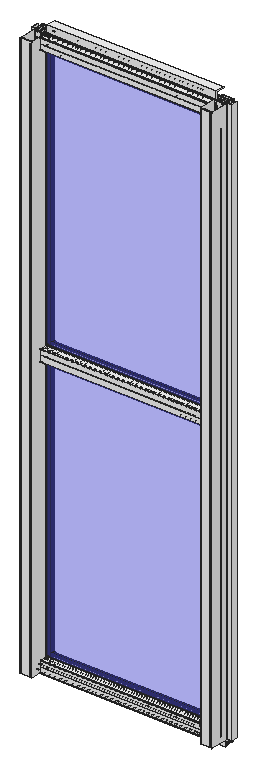
Revit family "Facade_60_Curtain_Wall_E12_Custom", category Windows, host Wall, Revit 2014 (continued)
Definition of nested family "F60 Horizontal Profile Middle_E12_Cust"
  Forms (mm)
    Extrusion 5, solid, material <- "Thermal Break Material", visible <- "Single Glazing"
      sketch origin (0, 0, 0) x (0, 1, 0) y (0, 0, 1)
        loop
          line (-61.15, 30.996) -> (-61.15, 29.006)
          arc (-61.15, 29.006) -> (-61.004, 28.652) -> (-60.65, 28.506) r 0.5
          line (-60.65, 28.506) -> (-59.794, 28.506)
        loop
          line (-47.854, 30.898) -> (-49.415, 31.653) -> (-56.782, 31.653)
          arc (-56.782, 31.653) -> (-57.207, 31.417) -> (-57.23, 30.932) r 0.5
          arc (-57.23, 30.932) -> (-57.013, 30.001) -> (-57.23, 29.07) r 2.099
          arc (-57.23, 29.07) -> (-57.207, 28.584) -> (-56.782, 28.348) r 0.5
          line (-56.782, 28.348) -> (-49.415, 28.348) -> (-48.055, 29.007)
          arc (-48.055, 29.007) -> (-47.35, 29.888) -> (-47.854, 30.898) r 1.047
      from 0 to 250 <- "Length"
    Extrusion 6, solid, material <- "Profile Material", visible <- "Single Glazing"
      sketch origin (0, 0, 0) x (0, 1, 0) y (0, 0, 1)
        loop
          line (-63.8, 52.694) -> (-64.8, 52.694) -> (-64.8, 51.544) -> (-66.05, 51.544) -> (-66.05, 57.044) -> (-64.8, 57.044) -> (-64.8, 55.894) -> (-63.8, 55.894) -> (-63.8, 58.294)
          arc (-63.8, 58.294) -> (-64.082, 58.803) -> (-64.664, 58.835) r 0.6
          line (-64.664, 58.835) -> (-66.562, 57.91) -> (-67.088, 58.988) -> (-68.05, 58.519) -> (-68.05, 48.513)
          arc (-68.05, 48.513) -> (-67.874, 48.089) -> (-67.45, 47.913) r 0.6
          line (-67.45, 47.913) -> (-66.6, 47.913) -> (-66.6, 12.09) -> (-67.45, 12.09)
          arc (-67.45, 12.09) -> (-67.874, 11.914) -> (-68.05, 11.49) r 0.6
          line (-68.05, 11.49) -> (-68.05, 1.485) -> (-67.088, 1.016) -> (-66.562, 2.095) -> (-64.663, 1.169)
          arc (-64.663, 1.169) -> (-64.082, 1.2) -> (-63.8, 1.709) r 0.6
          line (-63.8, 1.709) -> (-63.8, 4.109) -> (-64.8, 4.109) -> (-64.8, 2.959) -> (-66.05, 2.959) -> (-66.05, 8.459) -> (-64.8, 8.459) -> (-64.8, 7.309) -> (-63.8, 7.309) -> (-63.8, 27.674) -> (-62.4, 28.483) -> (-62.4, 31.521) -> (-63.8, 32.329) -> (-63.8, 52.694)
      from 0 to 250 <- "Length"
    Extrusion 7, solid, material <- "Profile Material", visible <- "Single Glazing"
      sketch origin (0, 0, 0) x (0, 1, 0) y (0, 0, 1)
        loop
          line (-68.551, 3.3) -> (-76.559, 3.3) -> (-76.559, 30) -> (-76.559, 56.15)
          arc (-76.559, 56.15) -> (-75.739, 58.13) -> (-73.759, 58.95) r 2.8
          line (-73.759, 58.95) -> (-69.151, 58.95) -> (-69.151, 57.2)
          arc (-69.151, 57.2) -> (-68.987, 56.829) -> (-68.601, 56.703) r 0.5
          arc (-68.601, 56.703) -> (-68.216, 56.829) -> (-68.051, 57.2) r 0.5
          line (-68.051, 57.2) -> (-68.051, 58.517) -> (-67.089, 58.986) -> (-66.563, 57.907) -> (-63.866, 59.222)
          arc (-63.866, 59.222) -> (-64.001, 59.762) -> (-64.504, 60) r 0.65
          line (-64.504, 60) -> (-73.859, 60)
          arc (-73.859, 60) -> (-76.687, 58.828) -> (-77.859, 56) r 4
          line (-77.859, 56) -> (-77.859, 30) -> (-77.859, 2.493)
          arc (-77.859, 2.493) -> (-77.197, 0.799) -> (-75.562, 0.002) r 2.5
          arc (-75.562, 0.002) -> (-75.182, 0.132) -> (-75.021, 0.5) r 0.5
          line (-75.021, 0.5) -> (-75.021, 2) -> (-69.151, 2) -> (-69.151, 0.5)
          arc (-69.151, 0.5) -> (-69.005, 0.146) -> (-68.651, 0) r 0.5
          line (-68.651, 0) -> (-64.504, 0)
          arc (-64.504, 0) -> (-64.001, 0.238) -> (-63.866, 0.778) r 0.65
          line (-63.866, 0.778) -> (-66.563, 2.093) -> (-67.089, 1.014) -> (-68.051, 1.483) -> (-68.051, 2.8)
          arc (-68.051, 2.8) -> (-68.198, 3.154) -> (-68.551, 3.3) r 0.5
      from 0 to 250 <- "Length"
    Extrusion 8, solid, material <- "Thermal Break Material", visible <- "Double Glazing"
      sketch origin (0, 0, 0) x (0, 1, 0) y (0, 0, 1)
        loop
          line (-77.8, 27.673) -> (-77.8, 25.751)
          arc (-77.8, 25.751) -> (-77.654, 25.397) -> (-77.3, 25.251) r 0.5
          line (-77.3, 25.251) -> (-59.8, 25.251)
          arc (-59.8, 25.251) -> (-59.446, 25.397) -> (-59.3, 25.751) r 0.5
          line (-59.3, 25.751) -> (-59.3, 27.647) -> (-49.599, 27.647) -> (-47.528, 28.649)
          arc (-47.528, 28.649) -> (-46.803, 29.999) -> (-47.528, 31.349) r 1.62
          line (-47.528, 31.349) -> (-49.602, 32.353) -> (-59.3, 32.353) -> (-59.3, 34.251)
          arc (-59.3, 34.251) -> (-59.446, 34.604) -> (-59.8, 34.751) r 0.5
          line (-59.8, 34.751) -> (-77.3, 34.751)
          arc (-77.3, 34.751) -> (-77.654, 34.604) -> (-77.8, 34.251) r 0.5
          line (-77.8, 34.251) -> (-77.8, 32.327) -> (-76.4, 31.52) -> (-76.4, 28.482) -> (-77.8, 27.673)
        loop
          line (-59.006, 30.708) -> (-61.156, 32.858)
          arc (-61.156, 32.858) -> (-61.48, 33.074) -> (-61.863, 33.151) r 1
          line (-61.863, 33.151) -> (-73.8, 33.151)
          arc (-73.8, 33.151) -> (-74.507, 32.858) -> (-74.8, 32.151) r 1
          line (-74.8, 32.151) -> (-74.8, 27.851)
          arc (-74.8, 27.851) -> (-74.507, 27.144) -> (-73.8, 26.851) r 1
          line (-73.8, 26.851) -> (-61.863, 26.851)
          arc (-61.863, 26.851) -> (-61.48, 26.927) -> (-61.156, 27.144) r 1
          line (-61.156, 27.144) -> (-59.006, 29.294)
          arc (-59.006, 29.294) -> (-58.788, 29.618) -> (-58.713, 30.001) r 0.986
          arc (-58.713, 30.001) -> (-58.79, 30.383) -> (-59.006, 30.708) r 1.007
        loop
          line (-56.782, 28.347) -> (-49.415, 28.347) -> (-48.055, 29.005)
          arc (-48.055, 29.005) -> (-47.35, 29.887) -> (-47.854, 30.896) r 1.047
          line (-47.854, 30.896) -> (-49.415, 31.652) -> (-56.782, 31.652)
          arc (-56.782, 31.652) -> (-57.207, 31.416) -> (-57.23, 30.93) r 0.5
          arc (-57.23, 30.93) -> (-57.013, 29.999) -> (-57.23, 29.068) r 2.099
          arc (-57.23, 29.068) -> (-57.207, 28.583) -> (-56.782, 28.347) r 0.5
      from 0 to 250 <- "Length"
    Extrusion 9, solid, material <- "Profile Material", visible <- "Double Glazing"
      sketch origin (0, 0, 0) x (0, 1, 0) y (0, 0, 1)
        loop
          line (-77.8, 52.694) -> (-78.8, 52.694) -> (-78.8, 51.544) -> (-80.05, 51.544) -> (-80.05, 57.044) -> (-78.8, 57.044) -> (-78.8, 55.894) -> (-77.8, 55.894) -> (-77.8, 58.294)
          arc (-77.8, 58.294) -> (-78.082, 58.802) -> (-78.664, 58.834) r 0.6
          line (-78.664, 58.834) -> (-80.562, 57.909) -> (-81.088, 58.988) -> (-82.05, 58.518) -> (-82.05, 48.512)
          arc (-82.05, 48.512) -> (-81.874, 48.088) -> (-81.45, 47.912) r 0.6
          line (-81.45, 47.912) -> (-80.6, 47.912) -> (-80.6, 12.089) -> (-81.45, 12.089)
          arc (-81.45, 12.089) -> (-81.874, 11.913) -> (-82.05, 11.489) r 0.6
          line (-82.05, 11.489) -> (-82.05, 1.484) -> (-81.088, 1.015) -> (-80.562, 2.094) -> (-78.663, 1.169)
          arc (-78.663, 1.169) -> (-78.082, 1.199) -> (-77.8, 1.708) r 0.6
          line (-77.8, 1.708) -> (-77.8, 4.108) -> (-78.8, 4.108) -> (-78.8, 2.958) -> (-80.05, 2.958) -> (-80.05, 8.458) -> (-78.8, 8.458) -> (-78.8, 7.308) -> (-77.8, 7.308) -> (-77.8, 27.673) -> (-76.4, 28.482) -> (-76.4, 31.52) -> (-77.8, 32.328) -> (-77.8, 52.694)
      from 0 to 250 <- "Length"
    Extrusion 10, solid, material <- "Profile Material", visible <- "Double Glazing"
      sketch origin (0, 0, 0) x (0, 1, 0) y (0, 0, 1)
        loop
          line (-82.551, 3.3) -> (-90.558, 3.3) -> (-90.558, 30) -> (-90.558, 56.15)
          arc (-90.558, 56.15) -> (-89.738, 58.13) -> (-87.758, 58.95) r 2.8
          line (-87.758, 58.95) -> (-83.151, 58.95) -> (-83.151, 57.2)
          arc (-83.151, 57.2) -> (-82.986, 56.829) -> (-82.601, 56.703) r 0.5
          arc (-82.601, 56.703) -> (-82.215, 56.829) -> (-82.051, 57.2) r 0.5
          line (-82.051, 57.2) -> (-82.051, 58.517) -> (-81.088, 58.986) -> (-80.563, 57.907) -> (-77.866, 59.222)
          arc (-77.866, 59.222) -> (-78, 59.762) -> (-78.503, 60) r 0.65
          line (-78.503, 60) -> (-87.858, 60)
          arc (-87.858, 60) -> (-90.687, 58.828) -> (-91.858, 56) r 4
          line (-91.858, 56) -> (-91.858, 30) -> (-91.858, 2.493)
          arc (-91.858, 2.493) -> (-91.196, 0.799) -> (-89.561, 0.002) r 2.5
          arc (-89.561, 0.002) -> (-89.182, 0.132) -> (-89.021, 0.5) r 0.5
          line (-89.021, 0.5) -> (-89.021, 2) -> (-83.151, 2) -> (-83.151, 0.5)
          arc (-83.151, 0.5) -> (-83.004, 0.146) -> (-82.651, 0) r 0.5
          line (-82.651, 0) -> (-78.503, 0)
          arc (-78.503, 0) -> (-78, 0.238) -> (-77.866, 0.778) r 0.65
          line (-77.866, 0.778) -> (-80.563, 2.093) -> (-81.088, 1.014) -> (-82.051, 1.483) -> (-82.051, 2.8)
          arc (-82.051, 2.8) -> (-82.197, 3.154) -> (-82.551, 3.3) r 0.5
      from 0 to 250 <- "Length"
  Dimensions and locks
    aligned and locked: level to plane 2
